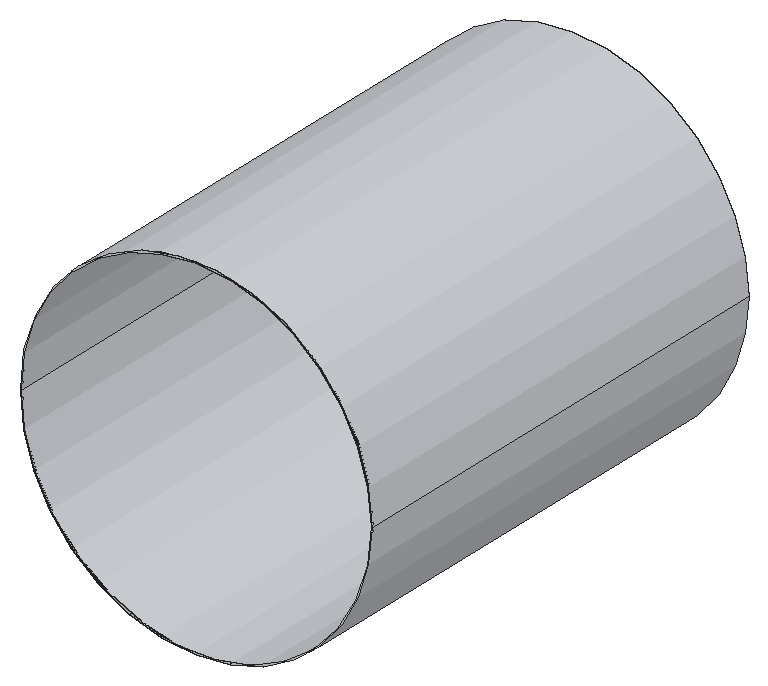
Revit family "LoadingAI_Opening_Horizontal_Circle", category Generic Models, Revit 2027
Family settings
  Can host rebar = No
  Round Connector Dimension = Use Diameter
  Part Type = Normal
  Work Plane-Based = No
  Always vertical = Yes
  Cut with Voids When Loaded = Yes
  Maintain Annotation Orientation = No
  Shared = No
  Room Calculation Point = No
Parameters (values of type "Circle")
  Width [instance] = Radius * 2  # 300 mm
  Radius - 1mm [instance] = Radius - 1 mm  # 149 mm
  Radius [instance] = 150 mm
  OP_WidthMm [instance] = ""
  OP_SourceId [instance] = ""
  OP_Shape [instance] = ""
  OP_Key [instance] = ""
  OP_HostLinked [instance] = ""
  OP_HostId [instance] = ""
  OP_HeightMm [instance] = ""
  OP_DepthMm [instance] = ""
  Model = ""
  Height [instance] = Radius * 2  # 300 mm
  Depth [instance] = 400 mm
  Default Elevation = 0 mm
Reference planes
  plane 1 "Center (Front/Back)": y = 0
  plane 2 "Bottom": z = 0
  plane 3 "Center (Left/Right)": x = 0
  plane 4 "Top": z = 300
  plane 5: x = 150
  plane 6: x = -150
  plane 7 "Back": y = 200
  plane 8 "Front": y = -200
  plane 9: x = -150
  plane 10: x = 150
  plane 11: z = 300
  plane 12: z = 0
  plane 13: z = 0
Forms (mm)
  Extrusion 1, solid
    sketch origin (-508.989, -200, 0) x (-1, 0, 0) y (0, 0, 1)
      loop
        circle (-508.989, 150) r 150
      loop
        circle (-508.989, 150) r 149
    from 0 to 400
  Extrusion 2, void
    sketch origin (0, -200, 0) x (-1, 0, 0) y (0, 0, 1)
      loop
        circle (0, 150) r 150
    from 0 to 400
Lines and regions (mm)
  model lines
    curve 1: line (150, -200, 300) -> (-150, -200, 0)
    curve 2: line (-150, -200, 300) -> (150, -200, 0)
    curve 3: line (150, 200, 300) -> (-150, 200, 0)
    curve 4: line (-150, 200, 300) -> (150, 200, 0)
Dimensions and locks
  "Depth": plane 7 "Back" to plane 8 "Front"
  equal spacing: plane 6, plane 3 "Center (Left/Right)", plane 5
  "Width": plane 6 to plane 5
  equal spacing: plane 8 "Front", plane 1 "Center (Front/Back)", plane 7 "Back"
  "Height": plane 4 "Top" to plane 13
  plane 10 to plane 9 = 300 mm
  equal spacing: plane 10, plane 3 "Center (Left/Right)", plane 9
  plane 11 to plane 12 = 300 mm
  locked: Extrusion 1 sketch curve to level
  locked: Extrusion 1 sketch curve to level at 1
  "Radius": Extrusion 1 sketch curve to plane 3 "Center (Left/Right)"
  "Radius - 1mm": Extrusion 1 sketch curve to plane 3 "Center (Left/Right)"
  locked: Extrusion 2 sketch curve to level
  "Radius": radius of Extrusion 1 sketch curve
  "Radius - 1mm": radius of Extrusion 1 sketch curve
  "Radius": radius of Extrusion 2 sketch curve
  aligned and locked: level to plane 2 "Bottom"
  aligned and locked: Extrusion 1 to plane 8 "Front"
  aligned and locked: Extrusion 1 to plane 7 "Back"
  aligned and locked: Extrusion 2 to plane 8 "Front"
  aligned and locked: Extrusion 2 to plane 7 "Back"
  aligned and locked: level to plane 13
  aligned and locked: level to plane 12
  aligned and locked: plane 13 to curve 1
  aligned and locked: plane 5 to curve 1
  aligned and locked: plane 4 "Top" to curve 2
  aligned and locked: plane 5 to curve 2
  aligned and locked: plane 12 to curve 4
  aligned and locked: plane 9 to curve 3
  aligned and locked: plane 11 to curve 3
  aligned and locked: plane 11 to curve 4
Automatic sketch dimensions
  curve 4 to plane 9 = 0 mm
  curve 3 to plane 10 = 0 mm
  curve 4 to plane 10 = 0 mm
  curve 3 to level = 0 mm
  curve 2 to plane 6 = 0 mm
  curve 1 to plane 6 = 0 mm
  curve 2 to level = 0 mm
  curve 1 to plane 4 "Top" = 0 mm
  Extrusion 2 sketch curve to plane 3 "Center (Left/Right)" = 0 mm
